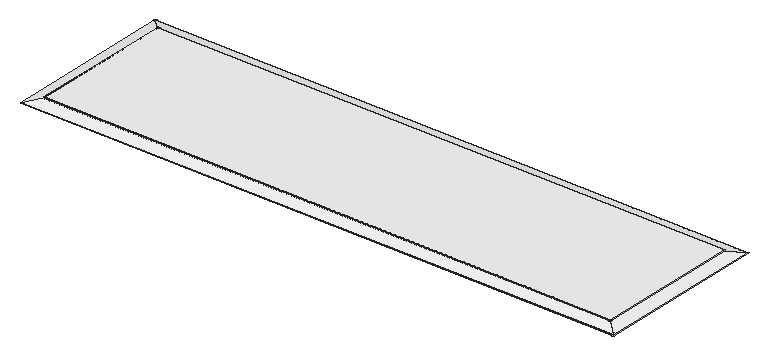
Revit family "NBS_COBAAfrica_EntMatt_Q-Beez", category Generic Models, host Face, Revit 2018
Family settings
  Host = Face
  Can host rebar = No
  Round Connector Dimension = Use Diameter
  Part Type = Normal
  Cut with Voids When Loaded = No
  Shared = No
  Room Calculation Point = No
Parameters (values of type "2000x500mm")
  WarrantyGuarantorLabor = "n/a"
  WarrantyDurationLabor = "n/a"
  Uniclass2015Version = "Products v1.15"
  Uniclass2015Title = "Entrance mats"
  Uniclass2015Code = "Pr_35_57_11_26"
  SurfaceInsertWidth = "n/a"
  SurfaceInsertOptions = "n/a"
  Pattern = "Striped design"
  MatwellEdgingWidth [instance] = 2.50 mm
  WarrantyStartDate [instance] = "1900-12-31T23:59:59"
  WarrantyGuarantorParts = "n/a"
  WarrantyDurationUnit = "year"
  WarrantyDurationParts = "n/a (dependent on application)"
  WarrantyDescription = "n/a"
  Version = "1"  # constant formula
  TrafficType = "Pedestrian, wheel chairs, pushchairs and trolleys"
  ThermalTransmittance = 0
  TagNumber [instance] = "n/a"
  SustainabilityPerformance = "n/a"
  SurfaceSpreadOfFlame = "n/a"
  Size = "n/a"
  Shape = "n/a"
  SerialNumber [instance] = "n/a"
  Revision = "n/a"
  ReplacementCost = "n/a"
  Reference = "n/a"
  RampedEdging [instance] = and(MattingSurface, EdgingRequired)  # yes
  ProductInformation = "https://www.matting.co.za/commercial/product/q-beez/"
  NominalWidth = EntranceMattingWidth  # 2000.00 mm
  NominalLength = EntranceMattingLength  # 500.00 mm
  NominalHeight = EntranceMattingHeight  # 13.00 mm
  Name = "EntMatt_Q-Beez_COBAAfrica"
  NBSReference = "45-35-35/420"
  NBSDescription = "Entrance matting"
  NBSCertification = "n/a"
  ModelReference = "Q--Beez"
  ModelNumber = "QB"
  MatwellEdging [instance] = and(MattingRecessed, EdgingRequired)  # no
  MattingHeight = "13 mm"
  Material = "100% Polypropylene needlepunch with Tuft Polyamide surface finish"
  ManufacturerURL = "www.cobaafrica.com"
  ManufacturerName = "COBA Africa"  # constant formula
  LinkingJoints = "n/a"
  IsExternal = no
  IntegralAccessoryOptions = "n/a"
  IntegralAccessories = "n/a"
  InstallationDate [instance] = "1900-12-31T23:59:59"
  IfcExportType = "FLOORING"  # constant formula
  IfcExportAs = "IfcCoveringType"  # constant formula
  HasNonSkidSurface = yes
  HasAntiStaticSurface = no
  Grade = "n/a"
  FragilityRating = "n/a"
  FlammabilityRating = "n/a"
  FireRating = "Cfi-S1"
  Finish = "n/a"
  Features = "n/a"
  ExpectedLife = "5 years plus if used in the correct environment for the volume and type of traffic as per specification"
  EdgingRequired [instance] = yes
  MattingSurface [instance] = yes
  MattingRecessed [instance] = not(MattingSurface)  # no
  MattingOffsetCalc [instance] = if(and(MattingSurface, not(EdgingRequired)), EntranceMattingHeight, if(and(MattingSurface, EdgingRequired), EntranceMattingHeight + 1.20 mm, 0.00 mm))  # 14.20 mm
  FloorRecessWidth [instance] = if(and(EdgingRequired, MattingRecessed), EntranceMattingWidth + (2 * MatwellEdgingWidth), EntranceMattingWidth)  # 2000.00 mm
  FloorRecessLength [instance] = if(and(EdgingRequired, MattingRecessed), EntranceMattingLength + (2 * MatwellEdgingWidth), EntranceMattingLength)  # 500.00 mm
  FloorRecessDepth [instance] = 25.00 mm
  Manufacturer = "sales@cobaafrica.com"  # constant formula
  MattingRecessCalc [instance] = if(and(MattingSurface, not(EdgingRequired)), EntranceMattingHeight + 0.50 mm, if(and(MattingSurface, EdgingRequired), EntranceMattingHeight + 1.70 mm, FloorRecessDepth))  # 14.70 mm
  EntranceMattingWidth = 2000.00 mm
  EntranceMattingMaterial = NBS_Concept
  EntranceMattingLength = 500.00 mm
  EntranceMattingHeight = 13.00 mm
  EdgingMaterial = NBS_Concept
  DurationUnit = "n/a"
  Description = "Hardwearing PVC Interlocking tile modules"
  Default Elevation = 1200.00 mm
  Construction = "Closed"
  Constituents = "n/a"
  Combustible = no
  Color = "n/a"
  CodePerformance = "n/a"
  Category = "n/a"
  CarpetColourOptions = "Grey, Anthracite"
  BaseMaterial = "n/a"
  BaseColour = "Black"
  BarCode [instance] = "n/a"
  BIMObjectName = "NBS_COBAAfrica_EntranceMatting_Q-Beez"
  Author = "NBS"  # constant formula
  AssetType = "Fixed"
  AssetIdentifier [instance] = "n/a"
  ArrangementOptions = "Suitable for dry indoor environments. Recessed only, adhered or loose lay"
  Arrangement = "n/a"
  AcousticRating = "n/a"
  AccessibilityPerformance = "n/a"
Reference planes
  plane 1 "Center (Front/Back)": y = 0
  plane 2: z = 0
  plane 3 "Center (Left/Right)": x = 0
  plane 4: y = 250
  plane 5: y = -250
  plane 6: x = -1000
  plane 7: x = 1000
  plane 8 "MattingBottom": z = 1.2
  plane 9 "MattingTop": z = 14.2
  plane 10 "RecessBottom": z = -0.5
  plane 11: x = -1000
  plane 12: x = 1000
  plane 13: y = 250
  plane 14: y = -250
Forms (mm)
  Extrusion 1, solid, material "NBS_Concept" <- "EntranceMattingMaterial"
    sketch origin (-696.176, -4572, 1.2) x (-1, 0, 0) y (0, -1, 0)
      loop
        line (303.824, -4822) -> (303.824, -4322) -> (-1696.176, -4322) -> (-1696.176, -4822) -> (303.824, -4822)
    from 0 to 13
  Extrusion 2, void
    sketch origin (-696.176, -4572, 1.2) x (-1, 0, 0) y (0, -1, 0)
      loop
        line (303.824, -4822) -> (303.824, -4322) -> (-1696.176, -4322) -> (-1696.176, -4822) -> (303.824, -4822)
    from -1.7 to 13
  Sweep 3, solid, material "NBS_Concept" <- "EdgingMaterial", visible <- "RampedEdging"
    path in 3D
      loop
        line (-1000, 250, 1.2) -> (1000, 250, 1.2) -> (1000, -250, 1.2) -> (-1000, -250, 1.2) -> (-1000, 250, 1.2)
    profile origin (-1000, 0, 1.2) x (1, 0, 0) y (0, 0, -1)
      loop
        line (0, 0) -> (18, 0) -> (18, 1.2) -> (-46.339, 1.2)
        arc (-46.339, 1.2) -> (-46.996, 0.616) -> (-46.491, -0.104) r 0.661
        line (-46.491, -0.104) -> (-1.588, -10.672)
        arc (-1.588, -10.672) -> (-0.49, -10.428) -> (0, -9.415) r 1.292
        line (0, -9.415) -> (0, 0)
  Sweep 4, solid, material "NBS_Concept" <- "EdgingMaterial", visible <- "MatwellEdging"
    path in 3D
      loop
        line (-1000, 250, 1.2) -> (1000, 250, 1.2) -> (1000, -250, 1.2) -> (-1000, -250, 1.2) -> (-1000, 250, 1.2)
    profile origin (-1000, 0, 1.2) x (1, 0, 0) y (0, 0, -1)
      loop
        line (0, -13) -> (0, 0) -> (-2.5, 0) -> (-2.5, -13) -> (0, -13)
Lines and regions (mm)
  sketch lines
    curve 1: line (-1000, -250, 1.2) -> (-1000, 250, 1.2)
    curve 2: line (1000, -250, 1.2) -> (-1000, -250, 1.2)
    curve 3: line (-1000, 250, 1.2) -> (1000, 250, 1.2)
    curve 4: line (1000, 250, 1.2) -> (1000, -250, 1.2)
    curve 5: line (-1000, -250, 1.2) -> (-1000, 250, 1.2)
    curve 6: line (1000, -250, 1.2) -> (-1000, -250, 1.2)
    curve 7: line (-1000, 250, 1.2) -> (1000, 250, 1.2)
    curve 8: line (1000, 250, 1.2) -> (1000, -250, 1.2)
Dimensions and locks
  equal spacing: plane 4, plane 1 "Center (Front/Back)", plane 5
  "EntranceMattingLength": plane 4 to plane 5
  equal spacing: plane 6, plane 3 "Center (Left/Right)", plane 7
  "EntranceMattingWidth": plane 6 to plane 7
  "EntranceMattingHeight": plane 9 "MattingTop" to plane 8 "MattingBottom"
  "MattingOffsetCalc": plane 9 "MattingTop" to level
  "MattingRecessCalc": plane 9 "MattingTop" to plane 10 "RecessBottom"
  equal spacing: host sketch curve, plane 3 "Center (Left/Right)", host sketch curve
  "FloorRecessWidth": host sketch curve to host sketch curve
  equal spacing: host sketch curve, plane 1 "Center (Front/Back)", host sketch curve
  "FloorRecessLength": host sketch curve to host sketch curve
  locked: plane 6 to Sweep 3 sketch curve at 46.339
  locked: plane 8 "MattingBottom" to Sweep 3 sketch curve at 1.2
  equal spacing: plane 11, plane 3 "Center (Left/Right)", plane 12
  "FloorRecessWidth": plane 11 to plane 12
  equal spacing: plane 13, plane 1 "Center (Front/Back)", plane 14
  "FloorRecessLength": plane 13 to plane 14
  "MatwellEdgingWidth": Sweep 4 sketch curve to profile plane
  aligned and locked: plane 2 to host face
  aligned and locked: level to host face
  aligned and locked: plane 5 to Extrusion 1 sketch curve
  aligned and locked: Extrusion 1 sketch curve to plane 7
  aligned and locked: Extrusion 1 sketch curve to plane 4
  aligned and locked: plane 6 to Extrusion 1 sketch curve
  aligned and locked: Extrusion 1 to plane 8 "MattingBottom"
  aligned and locked: Extrusion 1 to plane 9 "MattingTop"
  aligned and locked: Extrusion 2 to plane 9 "MattingTop"
  aligned and locked: Extrusion 2 to plane 10 "RecessBottom"
  aligned and locked: plane 6 to Sweep 3 sketch curve
  aligned and locked: Sweep 3 sketch curve to plane 8 "MattingBottom"
  aligned and locked: Extrusion 2 sketch curve to plane 13
  aligned and locked: plane 11 to Extrusion 2 sketch curve
  aligned and locked: plane 14 to Extrusion 2 sketch curve
  aligned and locked: Extrusion 2 sketch curve to plane 12
  aligned and locked: Sweep 4 sketch curve to plane 8 "MattingBottom"
  aligned and locked: Sweep 4 sketch curve to plane 9 "MattingTop"
Automatic sketch dimensions
  Sweep 3 sketch curve to profile plane = 18.00 mm
  Sweep 3 sketch curve to profile plane = 9.415 mm
  Sweep 3 sketch curve to profile plane = 0.104 mm
  Sweep 3 sketch curve to Sweep 3 sketch curve = 0.151 mm
  profile plane to Sweep 3 sketch curve = 1.588 mm
  Sweep 3 sketch curve to Sweep 3 sketch curve = 0.296 mm
  profile plane to Sweep 4 sketch curve = 0.00 mm
